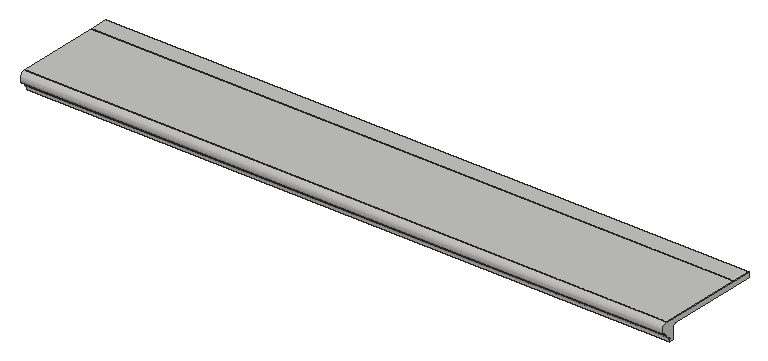
Revit family "Stair_Tread-Wooster-Cast_Nosings_Thresholds-103", category Specialty Equipment, host Face, Revit 2017
Family settings
  Host = Face
  Round Connector Dimension = Use Diameter
  Part Type = Normal
  OmniClass Number = 23.30.70.21.11.11.11
  OmniClass Title = Stair Nosings
  Cut with Voids When Loaded = No
  Shared = No
  Room Calculation Point = No
Parameters (values of type "103-6")
  Width = 0' - 6"
  Version = "2017 - v2.0a"  # constant formula
  URL = "http://www.wooster-products.com/"
  Support Phone = "(224) 699-9545"  # constant formula
  Support Email = "mailto:support@anguleris.com"
  Safety Tread [instance] = Filler - Wooster - Grey - Cast Tread
  Product Page URL = "http://www.woosterproducts.com/products/alumogrit-ferrogrit/cast-nosings/"
  Product Name = "Abrasive Cast Nosings"  # constant formula
  Product Documentation Link = "http://www.woosterproducts.com/spec/103.pdf"
  Model = "103-6"
  Material = ""
  Manufacturer Phone Number = "1-800-321-4936 or 330-264-2844"  # constant formula
  Manufacturer Fax Number = "330-262-4151"  # constant formula
  Manufacturer Email = "mailto:tim@wooster-products.com"
  Manufacturer Address = "1000 Spruce Street, P.O. BOX 6005, Wooster, OH. 44691"  # constant formula
  Manufacturer = "Wooster Productions Inc"  # constant formula
  Length Constraint [instance] = if(Length > 8' 6", 8' 6", Length)  # 3' - 0"
  Length [instance] = 3' - 0"
  Feature Strip = if(Width < 0' 5", 0' 0 1/2", if(Width = 0' 6", 0' 1", 0' 0 1/2"))  # 0' - 1"
  Description = "Anti-Slip Stair Nosing"  # constant formula
  Depth = 0' - 0 5/16"  # constant formula
  Default Elevation = 0' - 0"  # constant formula
  Copyright = "Wooster Products Inc. 2019"  # constant formula
  Construction Type = "New Construction"  # constant formula
Types (4): name | Width | Model | Feature Strip
  (no name) | 0' - 3" | "103-3" | 0' - 0 1/2"
  103-3 | 0' - 3" | "103-3" | 0' - 0 1/2"
  103-4 | 0' - 4" | "103-4" | 0' - 0 1/2"
  103-6 | 0' - 6" | "103-6" | 0' - 1"
Values of the unnamed type that differ from the named types
  Support Email = ""
  Product Page URL = "http://www.wooster-products.com/Cast_Nosings_Thresholds.html"
  Product Documentation Link = "http://wooster-products.com/pub/Specs/103.pdf"
  Manufacturer Email = ""
Reference planes (in)
  plane 1 "Center (Front/Back)": y = 0
  plane 2: z = 0
  plane 3 "Center (Left/Right)": x = 0
  plane 4 "Left": x = -18
  plane 5 "Right": x = 18
  plane 6 "Back": y = 3
  plane 7 "Front": y = -3
  plane 8 "Bottom": z = -0.29687
  plane 9: y = 2
  plane 10: z = -0.04687
  plane 11: z = 0.01563
Forms (in)
  Extrusion 1, solid, material "Filler - Wooster - Concrete"
    sketch origin (0, 0, 0) x (0, 1, 0) y (0, 0, 1)
      loop
        line (3, -0.04687) -> (-2.68766, -0.04687) -> (-2.68766, 0.01563)
        arc (-2.68766, 0.01563) -> (-2.99999, -0.29398) -> (-2.69344, -0.60932) r 0.3125
        line (-2.69344, -0.60932) -> (-2.69344, -0.74894)
        arc (-2.69344, -0.74894) -> (-2.55419, -0.8757) -> (-2.50262, -1.0568) r 0.34375
        line (-2.50262, -1.0568) -> (-2.25758, -1.0568) -> (-2.25758, -0.36777)
        arc (-2.25758, -0.36777) -> (-2.20606, -0.31588) -> (-2.13546, -0.29687) r 0.14062
        line (-2.13546, -0.29687) -> (3, -0.29687) -> (3, -0.04687)
    from -18 to 18
  Extrusion 2, solid, material "Filler - Wooster - Concrete"
    sketch origin (0, 0, 0) x (0, 1, 0) y (0, 0, 1)
      loop
        line (3, 0.01563) -> (2, 0.01563) -> (2, -0.04687) -> (3, -0.04687) -> (3, 0.01563)
    from -18 to 18
  Extrusion 3, solid, material "Filler - Wooster - Grey - Cast Tread" <- "Safety Tread"
    sketch origin (0, 0, 0) x (0, 1, 0) y (0, 0, 1)
      loop
        line (2, 0.01563) -> (-2.68766, 0.01563) -> (-2.68766, -0.04687) -> (2, -0.04687) -> (2, 0.01563)
    from -18 to 18
  Extrusion 4, void
    sketch origin (0, 0, 0) x (0, 1, 0) y (0, 0, 1)
      loop
        line (3, -0.04687) -> (-2.68766, -0.04687) -> (-2.68766, 0.01563) -> (-3, 0.01563) -> (-3, -1.0568) -> (-2.25758, -1.0568) -> (-2.25758, -0.36777)
        arc (-2.25758, -0.36777) -> (-2.20606, -0.31588) -> (-2.13546, -0.29688) r 0.14062
        line (-2.13546, -0.29688) -> (3, -0.29688) -> (3, -0.04687)
    from -18 to 18
Lines and regions (in)
  Masking region 1
    outline origin (0, 0, 0) x (1, 0, 0) y (0, 1, 0)
      loop
        line (-18, 3) -> (-18, -3) -> (18, -3) -> (18, 3) -> (-18, 3)
Dimensions and locks (in)
  equal spacing: plane 4 "Left", plane 3 "Center (Left/Right)", plane 5 "Right"
  "Length Constraint": plane 4 "Left" to plane 5 "Right"
  equal spacing: plane 7 "Front", plane 1 "Center (Front/Back)", plane 6 "Back"
  "Width": plane 7 "Front" to plane 6 "Back"
  "Feature Strip": plane 6 "Back" to plane 9
  locked: Extrusion 3 sketch curve to plane 7 "Front" at 0.31234
  locked: plane 11 to plane 10 at 0.0625
  "Depth": plane 11 to plane 8 "Bottom"
  Extrusion 1 sketch curve to Extrusion 1 sketch curve to Extrusion 1 sketch curve to Extrusion 1 sketch curve to Extrusion 1 sketch curve to Extrusion 1 sketch curve to plane 7 "Front" = 0' - 0.12212" locked, 0' - 0.42992" locked, 0' - 0.00016" locked, 0' - 0.00578" locked, 0' - 0.15292" locked, 0' - 0.15363" locked
  plane 11 to Extrusion 1 sketch curve to Extrusion 1 sketch curve to Extrusion 1 sketch curve to Extrusion 1 sketch curve = 0' - 0 5/16" locked, 0' - 0 9/64" locked, 0' - 0.6193" locked, 0' - 0" locked
  Extrusion 4 sketch curve to Extrusion 4 sketch curve to plane 7 "Front" = 0' - 0.12212" locked, 0' - 0.74242" locked
  plane 11 to Extrusion 4 sketch curve to Extrusion 4 sketch curve = 0' - 0 29/64" locked, 0' - 0.6193" locked
  aligned and locked: plane 2 to host face
  aligned and locked: level to host face
  aligned and locked: Extrusion 1 sketch curve to plane 8 "Bottom"
  aligned and locked: Extrusion 1 to plane 4 "Left"
  aligned and locked: Extrusion 1 to plane 5 "Right"
  aligned and locked: plane 6 "Back" to Extrusion 1 sketch curve
  aligned and locked: plane 6 "Back" to Extrusion 2 sketch curve
  aligned and locked: Extrusion 2 sketch curve to plane 9
  aligned and locked: Extrusion 3 sketch curve to Extrusion 2
  aligned and locked: Extrusion 2 to plane 4 "Left"
  aligned and locked: Extrusion 3 to plane 4 "Left"
  aligned and locked: Extrusion 2 to plane 5 "Right"
  aligned and locked: Extrusion 3 to plane 5 "Right"
  aligned and locked: plane 4 "Left" to Masking region 1 sketch curve
  aligned and locked: Masking region 1 sketch curve to plane 6 "Back"
  aligned and locked: plane 5 "Right" to Masking region 1 sketch curve
  aligned and locked: Masking region 1 sketch curve to plane 7 "Front"
  aligned and locked: plane 10 to Extrusion 3 sketch curve
  aligned and locked: plane 10 to Extrusion 2 sketch curve
  aligned and locked: Extrusion 1 sketch curve to plane 10
  aligned and locked: Extrusion 2 sketch curve to plane 11
  aligned and locked: plane 11 to Extrusion 4 sketch curve
  aligned and locked: plane 7 "Front" to Extrusion 4 sketch curve
Automatic sketch dimensions
  host sketch curve to host sketch curve = 8' - 0"
  host sketch curve to host sketch curve = 4' - 0"
  level to Extrusion 1 sketch curve = 0' - 0 1/64"
  Extrusion 3 sketch curve to plane 11 = 0' - 0"
  Extrusion 1 sketch curve to Extrusion 1 sketch curve = 0' - 0.13962"
  Extrusion 4 sketch curve to plane 10 = 0' - 0"
  Extrusion 4 sketch curve to plane 8 "Bottom" = 0' - 0"
  Extrusion 4 sketch curve to plane 6 "Back" = 0' - 0"
  Extrusion 4 sketch curve to Extrusion 4 sketch curve = 0' - 0.31234"
